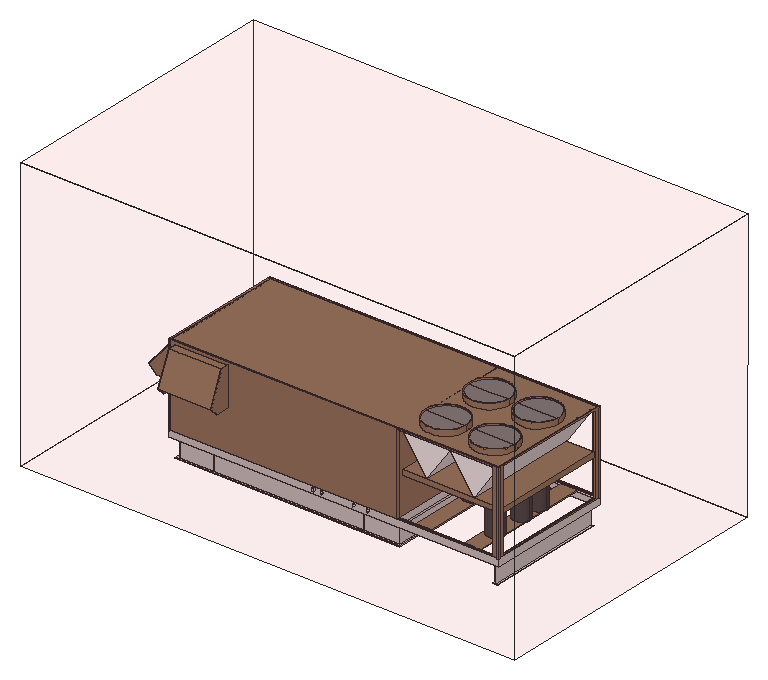
Revit family (continued)
Definition of nested family "Commercial_Comfort_Systems-Series_40-JCI-Exhaust_Standard"
  Lines and regions (in)
    model lines, detail levels medium
      curve 10: line (39.5, -19.60156, 6) -> (39.5, -13.67156, 0)
    model lines, style "Rain Hood", detail levels medium
      curve 11: line (-39.5, 0, 29.09375) -> (39.5, 0, 29.09375)
      curve 12: line (-39.5, 0, 0) -> (39.5, 0, 0)
      curve 13: line (-39.5, -19.60156, 6) -> (39.5, -19.60156, 6)
  Dimensions and locks (in)
    "Depth": plane 4 "Front" to plane 1 "Back"
    "Height": plane 5 "Top" to plane 2 "Bottom"
    locked: plane 4 "Front" to plane 6 "Center F/B" at 5.93
    locked: plane 7 "Bottom Inset" to plane 2 "Bottom" at 6
    locked: plane 11 "Right Inset" to plane 8 "Right" at 0.125
    locked: plane 10 "Left Inset" to plane 9 "Left" at 0.125
    "Width": plane 8 "Right" to plane 9 "Left"
    equal spacing: plane 8 "Right", plane 3 "Center (Left/Right)", plane 9 "Left"
    locked: plane 5 "Top" to plane 12 "Top Inset" at 0.1875
    locked: plane 4 "Front" to plane 13 "Front Inset" at 0.25
    equal spacing: plane 5 "Top", plane 14 "Center (Elevation)", plane 2 "Bottom"
    aligned and locked: level to plane 2 "Bottom"
    aligned and locked: plane 4 "Front" to Extrusion 1 sketch curve
    aligned and locked: plane 7 "Bottom Inset" to Extrusion 1 sketch curve
    aligned and locked: plane 6 "Center F/B" to Extrusion 1 sketch curve
    aligned and locked: Extrusion 1 sketch curve to plane 2 "Bottom"
    aligned and locked: Extrusion 1 sketch curve to plane 1 "Back"
    aligned and locked: plane 5 "Top" to Extrusion 1 sketch curve
    aligned and locked: Extrusion 1 to plane 8 "Right"
    aligned and locked: plane 11 "Right Inset" to Extrusion 1
    aligned and locked: plane 2 "Bottom" to Extrusion 2 sketch curve
    aligned and locked: plane 6 "Center F/B" to Extrusion 2 sketch curve
    aligned and locked: plane 7 "Bottom Inset" to Extrusion 2 sketch curve
    aligned and locked: plane 4 "Front" to Extrusion 2 sketch curve
    aligned and locked: Extrusion 2 sketch curve to plane 1 "Back"
    aligned and locked: Extrusion 2 sketch curve to plane 2 "Bottom"
    aligned and locked: plane 10 "Left Inset" to Extrusion 2
    aligned and locked: Extrusion 2 to plane 9 "Left"
    aligned and locked: plane 7 "Bottom Inset" to Extrusion 3 sketch curve
    aligned and locked: plane 4 "Front" to Extrusion 3 sketch curve
    aligned and locked: plane 13 "Front Inset" to Extrusion 3 sketch curve
    aligned and locked: Extrusion 3 sketch curve to plane 7 "Bottom Inset"
    aligned and locked: Extrusion 3 to plane 11 "Right Inset"
    aligned and locked: Extrusion 3 to plane 10 "Left Inset"
    aligned and locked: plane 7 "Bottom Inset" to Masking region 1 sketch curve
    aligned and locked: plane 4 "Front" to Masking region 1 sketch curve
    aligned and locked: plane 6 "Center F/B" to Masking region 1 sketch curve
    aligned and locked: plane 2 "Bottom" to Masking region 1 sketch curve
    aligned and locked: Masking region 2 sketch curve to plane 5 "Top"
    aligned and locked: plane 9 "Left" to Masking region 2 sketch curve
    aligned and locked: plane 2 "Bottom" to Masking region 2 sketch curve
    aligned and locked: plane 8 "Right" to Masking region 2 sketch curve
    aligned and locked: curve 1 to plane 7 "Bottom Inset"
    aligned and locked: plane 9 "Left" to curve 1
    aligned and locked: plane 8 "Right" to curve 1
    aligned and locked: Masking region 3 sketch curve to plane 4 "Front"
    aligned and locked: plane 8 "Right" to Masking region 3 sketch curve
    aligned and locked: plane 1 "Back" to Masking region 3 sketch curve
    aligned and locked: Masking region 3 sketch curve to plane 9 "Left"
    aligned and locked: plane 8 "Right" to curve 2
    aligned and locked: plane 9 "Left" to curve 2
    aligned and locked: plane 1 "Back" to Extrusion 1 sketch curve
    aligned and locked: Extrusion 1 to Extrusion 3 sketch curve
    aligned and locked: plane 1 "Back" to Extrusion 3 sketch curve
    aligned and locked: plane 5 "Top" to Extrusion 3 sketch curve
    aligned and locked: plane 5 "Top" to Extrusion 2 sketch curve
    aligned and locked: plane 1 "Back" to Masking region 1 sketch curve
    aligned and locked: plane 5 "Top" to Masking region 1 sketch curve
    aligned and locked: plane 6 "Center F/B" to curve 2
    aligned and locked: plane 4 "Front" to curve 4
    aligned and locked: plane 7 "Bottom Inset" to curve 8
    aligned and locked: plane 2 "Bottom" to curve 9
    aligned and locked: plane 4 "Front" to curve 9
    aligned and locked: plane 7 "Bottom Inset" to curve 10
    aligned and locked: plane 6 "Center F/B" to curve 7
    aligned and locked: plane 1 "Back" to curve 7
    aligned and locked: curve 5 to plane 2 "Bottom"
    aligned and locked: plane 2 "Bottom" to curve 3
    aligned and locked: plane 5 "Top" to curve 3
    aligned and locked: plane 1 "Back" to curve 6
    aligned and locked: curve 10 to curve 9
    aligned and locked: plane 2 "Bottom" to curve 6
    aligned and locked: plane 6 "Center F/B" to curve 5
    aligned and locked: plane 1 "Back" to curve 4
    aligned and locked: plane 5 "Top" to curve 8
    aligned and locked: plane 1 "Back" to curve 5
    aligned and locked: plane 5 "Top" to curve 6
    aligned and locked: plane 8 "Right" to curve 11
    aligned and locked: plane 8 "Right" to curve 13
    aligned and locked: plane 8 "Right" to curve 12
    aligned and locked: plane 9 "Left" to curve 11
    aligned and locked: plane 9 "Left" to curve 12
    aligned and locked: plane 9 "Left" to curve 13
    aligned and locked: curve 11 to plane 5 "Top"
    aligned and locked: curve 13 to plane 7 "Bottom Inset"
    aligned and locked: curve 12 to plane 2 "Bottom"
  Automatic sketch dimensions
    Extrusion 3 sketch curve to plane 12 "Top Inset" = 0"
Definition of nested family "Commercial_Comfort_Systems-Series_40-JCI-Compressor"
  Parameters (values of type "Compressor")
    Model = "Compressor"  # constant formula
    Manufacturer = "York"  # constant formula
    Cylinder Material = Metal - JCI - Cast Iron - Coated Black
    Assembly Code = ""
  Reference planes (in)
    plane 1 "Center (Front/Back)": y = 0
    plane 2 "Compressor Bottom": z = 0
    plane 3 "Center (Left/Right)": x = 0
    plane 4 "Compressor Top": z = 20
  Forms (in)
    Sweep 1, solid, material "Metal - JCI - Cast Iron - Coated Black" <- "Cylinder Material", detail levels fine
      path origin (0, 0, 0) x (1, 0, 0) y (0, 0, 1)
        loop
          line (0, 0) -> (0, 20)
      profile origin (0, 0, 10) x (-1, 0, 0) y (0, -1, 0)
        loop
          circle (0, 0) r 6
  Lines and regions (in)
    Masking region 1, detail levels fine
      outline origin (0, 0, 0) x (1, 0, 0) y (0, 0, 1)
        loop
          line (-6, 20) -> (-6, 0) -> (6, 0) -> (6, 20) -> (-6, 20)
    Masking region 2, detail levels fine
      outline origin (0, 0, 0) x (0, 1, 0) y (0, 0, 1)
        loop
          line (6, 20) -> (-6, 20) -> (-6, 0) -> (6, 0) -> (6, 20)
    model lines, style "Compressor Fine", detail levels medium
      curve 1: circle (0, 0, 20) r 6 normal (0, 0, 1)
      curve 2: circle (0, 0, 0) r 6 normal (0, 0, 1)
      curve 3: line (0, 6, 20) -> (0, 6, 0)
      curve 4: line (0, -6, 20) -> (0, -6, 0)
      curve 5: line (-6, 0, 20) -> (-6, 0, 0)
      curve 6: line (6, 0, 20) -> (6, 0, 0)
  Dimensions and locks (in)
    locked: curve 3 to plane 1 "Center (Front/Back)" at 6
    locked: plane 1 "Center (Front/Back)" to curve 4 at 6
    locked: curve 5 to plane 3 "Center (Left/Right)" at 6
    locked: plane 3 "Center (Left/Right)" to curve 6 at 6
    aligned and locked: plane 1 "Center (Front/Back)" to Sweep 1
    aligned and locked: curve 1 to Sweep 1
    aligned and locked: curve 2 to Sweep 1
    aligned and locked: plane 4 "Compressor Top" to curve 3
    aligned and locked: plane 4 "Compressor Top" to curve 4
    aligned and locked: plane 2 "Compressor Bottom" to curve 4
    aligned and locked: plane 2 "Compressor Bottom" to curve 3
    aligned and locked: plane 4 "Compressor Top" to curve 5
    aligned and locked: plane 4 "Compressor Top" to curve 6
    aligned and locked: plane 2 "Compressor Bottom" to curve 6
    aligned and locked: plane 2 "Compressor Bottom" to curve 5
    aligned and locked: Masking region 1 sketch curve to curve 5
    aligned and locked: Masking region 1 sketch curve to curve 1
    aligned and locked: curve 2 to Masking region 1 sketch curve
    aligned and locked: Masking region 1 sketch curve to curve 6
    aligned and locked: Masking region 2 sketch curve to plane 4 "Compressor Top"
    aligned and locked: plane 2 "Compressor Bottom" to Masking region 2 sketch curve
    aligned and locked: Masking region 2 sketch curve to curve 4
    aligned and locked: Masking region 2 sketch curve to curve 3
Definition of nested family "Commercial_Comfort_Systems-Series_40-JCI-Condenser_Fan_1"
  Parameters (values of type "Fan")
    Radius 2 = Radius - 1/4"  # 14 3/4"
    Radius = if(1 = 1, Diameter / 2, 1")  # 15"
    Height = 4"  # constant formula
    Frame Material = Paint - JCI - Powder Coated - Champagne
    Fan Blade Cover Material = Metal - JCI - Steel - Galvanized With Wood Nailer
    Diameter = 30"
    Assembly Code = ""
    30 inch fan = Diameter = 30"  # yes
  Reference planes (in)
    plane 1 "Center (Front/Back)": y = 0
    plane 2 "Bottom": z = 0
    plane 3 "Center (Left/Right)": x = 0
    plane 4 "Back": y = 15
    plane 5 "Front": y = -15
    plane 6 "Left": x = -15
    plane 7 "Right": x = 15
    plane 8 "Top": z = 4
    plane 9 "Right Inset": x = 14.75
    plane 10 "Top Inset": z = 3.5
  Forms (in)
    Revolve 1, solid, material "Metal - JCI - Steel - Galvanized With Wood Nailer" <- "Fan Blade Cover Material", detail levels fine
      sketch origin (0, 0, 0) x (1, 0, 0) y (0, 0, 1)
        loop
          line (0, 3.5) -> (0, 0) -> (14.75, 0) -> (14.75, 3.5) -> (0, 3.5)
        axis (0, 3.5) -> (0, 0)
      angle from 0 to 360
    Revolve 2, solid, material "Paint - JCI - Powder Coated - Champagne" <- "Frame Material", detail levels fine
      sketch origin (0, 0, 0) x (1, 0, 0) y (0, 0, 1)
        loop
          line (14.75, 0) -> (15, 0) -> (15, 4) -> (14.75, 4) -> (14.75, 0)
        axis (0, 4) -> (0, 0)
      angle from 0 to 360
    Revolve 3, solid, material "Paint - JCI - Powder Coated - Champagne" <- "Frame Material", detail levels medium
      sketch origin (0, 0, 0) x (1, 0, 0) y (0, 0, 1)
        loop
          line (0, 4) -> (0, 0) -> (15, 0) -> (15, 4) -> (0, 4)
        axis (0, 4) -> (0, 0)
      angle from 0 to 360
  Lines and regions (in)
    Masking region 1
      outline origin (0, 0, 0) x (1, 0, 0) y (0, 1, 0)
        loop
          circle (0, 0) r 15
    Masking region 2
      outline origin (0, 0, 0) x (1, 0, 0) y (0, 0, 1)
        loop
          line (-15, 4) -> (-15, 0) -> (15, 0) -> (15, 4) -> (-15, 4)
    Masking region 3
      outline origin (0, 0, 0) x (0, 1, 0) y (0, 0, 1)
        loop
          line (-15, 4) -> (-15, 0) -> (15, 0) -> (15, 4) -> (-15, 4)
    model lines, style "Fan Fine", detail levels coarse
      curve 1: circle (0, 0, 0) r 15 normal (0, 0, 1)
      curve 2: circle (0, 0, 4) r 15 normal (0, 0, 1)
      curve 3: line (15, 0, 4) -> (15, 0, 0)
      curve 4: line (-15, 0, 4) -> (-15, 0, 0)
      curve 5: line (0, 15, 4) -> (0, 15, 0)
      curve 6: line (0, -15, 4) -> (0, -15, 0)
    symbolic lines, style "Fan Fine", detail levels fine
      curve 7: circle (0, 0, 0) r 14.75 normal (0, 0, 1)
  Dimensions and locks (in)
    equal spacing: plane 5 "Front", plane 1 "Center (Front/Back)", plane 4 "Back"
    "Diameter": plane 5 "Front" to plane 4 "Back"
    equal spacing: plane 6 "Left", plane 3 "Center (Left/Right)", plane 7 "Right"
    "Diameter": plane 6 "Left" to plane 7 "Right"
    "Height": plane 8 "Top" to plane 2 "Bottom"
    locked: plane 9 "Right Inset" to plane 7 "Right" at 0.25
    locked: plane 8 "Top" to plane 10 "Top Inset" at 0.5
    "Radius": plane 3 "Center (Left/Right)" to curve 1
    "Radius": curve 1 to plane 1 "Center (Front/Back)"
    "Radius": curve 2 to plane 1 "Center (Front/Back)"
    "Radius": plane 3 "Center (Left/Right)" to curve 2
    "Radius": plane 3 "Center (Left/Right)" to Masking region 1 sketch curve
    "Radius": plane 1 "Center (Front/Back)" to Masking region 1 sketch curve
    "Radius 2": plane 3 "Center (Left/Right)" to curve 7
    "Radius 2": plane 1 "Center (Front/Back)" to curve 7
    "Radius": radius of curve 1
    "Radius": radius of curve 2
    "Radius": radius of Masking region 1 sketch curve
    "Radius 2": radius of curve 7
    aligned and locked: Revolve 1 sketch curve to plane 3 "Center (Left/Right)"
    aligned and locked: Revolve 1 sketch curve to Revolve 1 sketch curve
    aligned and locked: plane 2 "Bottom" to Revolve 1 sketch curve
    aligned and locked: Revolve 2 sketch curve to plane 3 "Center (Left/Right)"
    aligned and locked: Revolve 2 sketch curve to plane 8 "Top"
    aligned and locked: plane 2 "Bottom" to Revolve 2 sketch curve
    aligned and locked: plane 7 "Right" to Revolve 2 sketch curve
    aligned and locked: Revolve 2 sketch curve to plane 9 "Right Inset"
    aligned and locked: plane 9 "Right Inset" to Revolve 1 sketch curve
    aligned and locked: Revolve 1 sketch curve to plane 10 "Top Inset"
    aligned and locked: Revolve 3 sketch curve to plane 3 "Center (Left/Right)"
    aligned and locked: Revolve 3 sketch curve to Revolve 3 sketch curve
    aligned and locked: plane 2 "Bottom" to Revolve 3 sketch curve
    aligned and locked: plane 7 "Right" to Revolve 3 sketch curve
    aligned and locked: Revolve 3 sketch curve to plane 8 "Top"
    aligned and locked: plane 2 "Bottom" to curve 3
    aligned and locked: plane 2 "Bottom" to curve 4
    aligned and locked: plane 8 "Top" to curve 3
    aligned and locked: plane 8 "Top" to curve 4
    aligned and locked: plane 7 "Right" to curve 3
    aligned and locked: curve 4 to plane 6 "Left"
    aligned and locked: plane 2 "Bottom" to curve 5
    aligned and locked: plane 8 "Top" to curve 5
    aligned and locked: plane 2 "Bottom" to curve 6
    aligned and locked: plane 8 "Top" to curve 6
    aligned and locked: curve 5 to plane 4 "Back"
    aligned and locked: plane 5 "Front" to curve 6
    aligned and locked: Masking region 2 sketch curve to plane 8 "Top"
    aligned and locked: plane 2 "Bottom" to Masking region 2 sketch curve
    aligned and locked: plane 7 "Right" to Masking region 2 sketch curve
    aligned and locked: plane 6 "Left" to Masking region 2 sketch curve
    aligned and locked: Masking region 3 sketch curve to plane 8 "Top"
    aligned and locked: Masking region 3 sketch curve to plane 4 "Back"
    aligned and locked: plane 2 "Bottom" to Masking region 3 sketch curve
    aligned and locked: Masking region 3 sketch curve to plane 5 "Front"
  Automatic sketch dimensions
    Revolve 1 sketch curve to level = 24"
    Revolve 1 sketch curve to Revolve 1 sketch curve = 87.70035"
    Revolve 2 sketch curve to level = 24"
    plane 8 "Top" to Revolve 2 sketch curve = 87.20035"
    Revolve 3 sketch curve to level = 24"
    Revolve 3 sketch curve to Revolve 3 sketch curve = 87.20035"
Definition of nested family "Commercial_Comfort_Systems-Series_40-JCI-Screen_Door_Detail"
  Parameters (values of type "Screen")
    Width = 32"
    Depth = 34"
    Assembly Code = ""
  Reference planes (in)
    plane 1 "Center (Front/Back)": y = 0
    plane 2: z = 0
    plane 3 "Center (Left/Right)": x = 0
    plane 4 "Left": x = -16
    plane 5 "Back": y = 17
    plane 6 "Right": x = 16
    plane 7 "Front": y = -17
  Lines and regions (in)
    Filled region 1, type "Concrete Block", in view "Ref. Level"
      outline origin (0, 0, 0) x (1, 0, 0) y (0, 1, 0)
        loop
          line (-16, 17) -> (-16, -17) -> (16, -17) -> (16, 17) -> (-16, 17)
  Dimensions and locks (in)
    equal spacing: plane 7 "Front", plane 1 "Center (Front/Back)", plane 5 "Back"
    "Depth": plane 7 "Front" to plane 5 "Back"
    equal spacing: plane 4 "Left", plane 3 "Center (Left/Right)", plane 6 "Right"
    "Width": plane 4 "Left" to plane 6 "Right"
    aligned and locked: Filled region 1 sketch curve to plane 4 "Left"
    aligned and locked: Filled region 1 sketch curve to plane 5 "Back"
    aligned and locked: Filled region 1 sketch curve to plane 6 "Right"
    aligned and locked: Filled region 1 sketch curve to plane 7 "Front"
